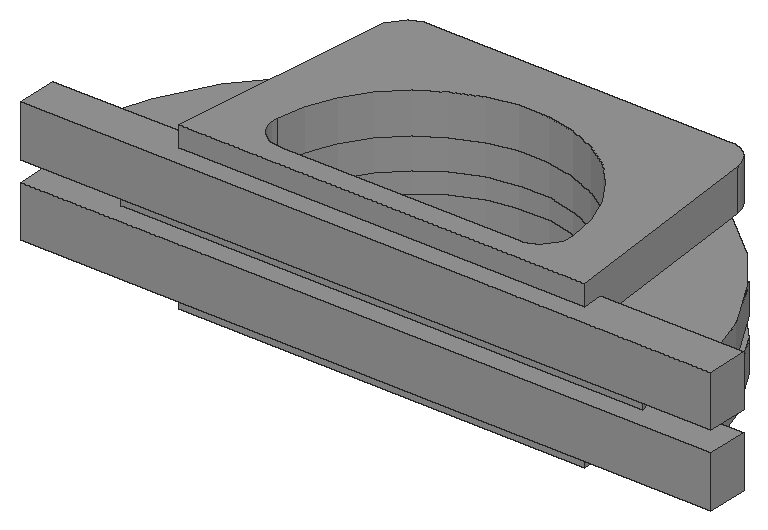
Revit family "2CKA001761A1490", category Electrical Fixtures, host Face, Revit 2014
Parameters
  Default Elevation = 1219.2 mm
Reference planes
  plane 1 "Center (Front/Back)": y = 0
  plane 2: z = 0
  plane 3 "Center (Left/Right)": x = 0
Forms (mm)
  Extrusion 1, solid, material "Blue", detail levels fine
    sketch origin (0, 0, 0) x (1, 0, 0) y (0, 1, 0)
      loop
        line (-33.5, 4) -> (-33.5, 0) -> (33.5, 0) -> (33.5, 4) -> (-33.5, 4)
    from 2 to 7
  Extrusion 2, solid, material "Blue", detail levels fine
    sketch origin (0, 0, 0) x (1, 0, 0) y (0, 1, 0)
      loop
        line (-33.5, 4) -> (-33.5, 0) -> (33.5, 0) -> (33.5, 4) -> (-33.5, 4)
    from 9 to 14
  Extrusion 3, solid, material "Blue", detail levels fine
    sketch origin (0, 0, 0) x (1, 0, 0) y (0, 1, 0)
      loop
        line (-30.381, 2) -> (30.381, 2)
        arc (30.381, 2) -> (0, 28) -> (-30.381, 2) r 30.75
      loop
        line (-11.456, 4) -> (11.456, 4)
        arc (11.456, 4) -> (13.668, 4.973) -> (14.445, 7.261) r 3
        arc (14.445, 7.261) -> (0, 20.5) -> (-14.445, 7.261) r 14.5
        arc (-14.445, 7.261) -> (-13.668, 4.973) -> (-11.456, 4) r 3
    from 4 to 7
  Extrusion 4, solid, material "Blue", detail levels fine
    sketch origin (0, 0, 0) x (1, 0, 0) y (0, 1, 0)
      loop
        line (-30.381, 2) -> (30.381, 2)
        arc (30.381, 2) -> (0, 28) -> (-30.381, 2) r 30.75
      loop
        line (-11.456, 4) -> (11.456, 4)
        arc (11.456, 4) -> (13.668, 4.973) -> (14.445, 7.261) r 3
        arc (14.445, 7.261) -> (0, 20.5) -> (-14.445, 7.261) r 14.5
        arc (-14.445, 7.261) -> (-13.668, 4.973) -> (-11.456, 4) r 3
    from 9 to 12
  Extrusion 5, solid, material "Blue", detail levels fine
    sketch origin (0, 0, 0) x (1, 0, 0) y (0, 1, 0)
      loop
        arc (25.308, 2) -> (0, 23) -> (-25.308, 2) r 25.75
        line (-25.308, 2) -> (25.308, 2)
      loop
        arc (-14.445, 7.261) -> (-13.668, 4.973) -> (-11.456, 4) r 3
        line (-11.456, 4) -> (11.456, 4)
        arc (11.456, 4) -> (13.668, 4.973) -> (14.445, 7.261) r 3
        arc (14.445, 7.261) -> (0, 20.5) -> (-14.445, 7.261) r 14.5
    from 7 to 9
  Extrusion 6, solid, material "Blue", detail levels fine
    sketch origin (0, 0, 0) x (1, 0, 0) y (0, 1, 0)
      loop
        arc (-14.486, 26) -> (-16.494, 25.229) -> (-17.47, 23.314) r 3
        line (-17.47, 23.314) -> (-19.71, 2) -> (19.71, 2) -> (17.47, 23.314)
        arc (17.47, 23.314) -> (16.494, 25.229) -> (14.486, 26) r 3
        line (14.486, 26) -> (-14.486, 26)
      loop
        arc (-14.445, 7.261) -> (-13.668, 4.973) -> (-11.456, 4) r 3
        line (-11.456, 4) -> (11.456, 4)
        arc (11.456, 4) -> (13.668, 4.973) -> (14.445, 7.261) r 3
        arc (14.445, 7.261) -> (0, 20.5) -> (-14.445, 7.261) r 14.5
    from 12 to 16
  Extrusion 7, solid, material "Blue", detail levels fine
    sketch origin (0, 0, 0) x (1, 0, 0) y (0, 1, 0)
      loop
        arc (-14.486, 26) -> (-16.494, 25.229) -> (-17.47, 23.314) r 3
        line (-17.47, 23.314) -> (-19.71, 2) -> (19.71, 2) -> (17.47, 23.314)
        arc (17.47, 23.314) -> (16.494, 25.229) -> (14.486, 26) r 3
        line (14.486, 26) -> (-14.486, 26)
      loop
        arc (-14.445, 7.261) -> (-13.668, 4.973) -> (-11.456, 4) r 3
        line (-11.456, 4) -> (11.456, 4)
        arc (11.456, 4) -> (13.668, 4.973) -> (14.445, 7.261) r 3
        arc (14.445, 7.261) -> (0, 20.5) -> (-14.445, 7.261) r 14.5
    from 0 to 4
  Extrusion 8, solid, material "Blue", detail levels medium
    sketch origin (0, 0, 0) x (1, 0, 0) y (0, 1, 0)
      loop
        arc (30, 4) -> (0, 28) -> (-30, 4) r 30.75
        line (-30, 4) -> (-33.5, 4) -> (-33.5, 0) -> (33.5, 0) -> (33.5, 4) -> (30, 4)
    from 0 to 16
  Extrusion 9, solid, material "Blue", detail levels coarse
    sketch origin (0, 0, 0) x (1, 0, 0) y (0, 1, 0)
      loop
        line (33.5, 0) -> (33.5, 28) -> (-33.5, 28) -> (-33.5, 0) -> (33.5, 0)
    from 0 to 16
Cuts and joins
  joined: Extrusion 1, Extrusion 2, Extrusion 3, Extrusion 4, Extrusion 5, Extrusion 6, Extrusion 7
Lines and regions (mm)
  reference lines
    curve 1: line (0, 28, 0) -> (0, 0, 0)
Dimensions and locks
  aligned and locked: plane 2 to host face
  aligned and locked: level to host face
